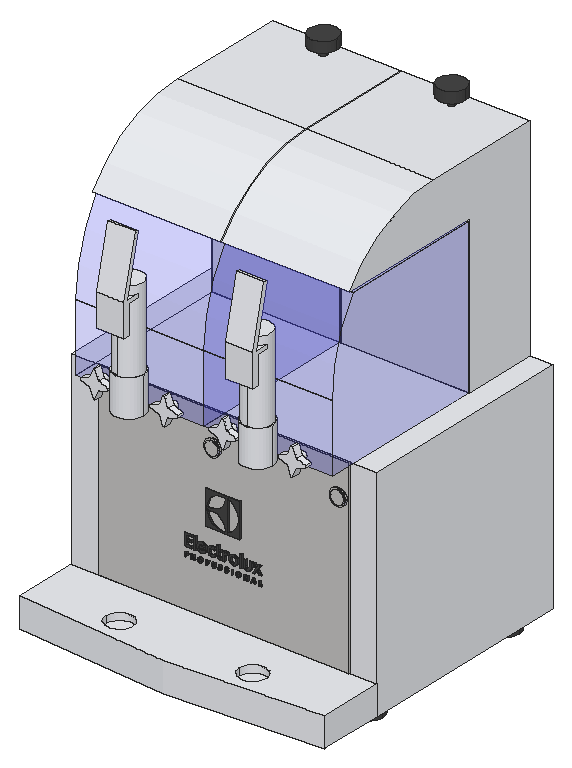
Revit family "QF_ELECTROLUXPROFESSIONAL_562515_GT2PR290", category Attrezzature speciali, Revit 2020
Family settings
  Quota connettore circolare = Usa diametro
  Tipo di parte = Normale
  Basato su piano di lavoro = No
  Sempre verticale = Sì
  Taglio con vuoti quando caricato = No
  Condiviso = No
  Punto di calcolo locali = No
Parameters (values of type "Standard")
  Weight = 46.00 kg
  Watts = 630 W
  Volts = 220 V
  URL Manufacturer = "https://www.electroluxprofessional.com/"
  URL = "https://www.electroluxprofessional.com/"
  Steam Supply Size = 0 mm
  Steam Supply Minimum Pressure = 0.0 Pa
  Steam Supply Maximum Pressure = 0.0 Pa
  Steam Consumption per Hour = 0
  Show Logo [instance] = yes
  Show Clearance [instance] = yes
  Refrigeration Suction Line Size = 0 mm
  Refrigeration Liquid Line Size = 0 mm
  Refrigerant Compressor Remote = yes
  Prospetto di default = 0 mm
  Produttore = "Electrolux Professional"
  Phase = 1
  Modello = "GT2PR290"
  Length Actual = 450 mm  # constant formula
  Item Number = "562515"
  Hot Water Size = 0 mm
  Height Actual = 650 mm  # constant formula
  HP = "0.8 HP"
  Gas Size = 0 mm
  Gas KW = 0
  Gas Input Pressure = 0 W
  Direct Waste Size = 0 mm
  Descrizione = "2X5 LT BOWL - FROZEN GRANITA, FROZEN CREAMS AND SOFT ICE CREAM DISPENSER - 2 INSULATED BOWLS - WHITE, R290"
  Depth Actual = 435 mm  # constant formula
  Cycle = 50 Hz
  Condensate Return Size = 0 mm
  Compressed Air Volume = 0.0 L/s
  Compressed Air Size = 0 mm
  Compressed Air Pressure = 0.0 Pa
  Cold Water Size = 0 mm
  Accessory = yes
Reference planes
  plane 1: z = 0
  plane 2 "LEFT": x = -300
  plane 3 "BACK": y = 282.5
  plane 4: z = 648.875
  plane 5: z = 340
  plane 6: z = 63
  plane 7: z = 677
  plane 8: x = 147
  plane 9: y = -149.837
Forms (mm)
  Extrusion 1, solid, material "QF_Finishes_White"
    sketch origin (0, -1.353, -30) x (1, 0, 0) y (0, 1, 0)
      loop
        line (-300, 283.853) -> (-300, -38.484) -> (147, -38.484) -> (147, 283.853) -> (-300, 283.853)
    from 50 to 370
  Extrusion 2, solid, material "QF_Finishes_Stainless Steel"
    sketch origin (16.697, 123.163, -87.462) x (1, 0, 0) y (0, 1, 0)
      loop
        line (90.303, -163) -> (-276.697, -163) -> (-276.697, -163.8) -> (90.303, -163.8) -> (90.303, -163)
    from 150.462 to 427.462
  Extrusion 3, solid, material "QF_Finishes_Stainless Steel"
    sketch origin (-356.596, -170.677, 18) x (0, -1, 0) y (1, 0, 0)
      loop
        line (-163.023, 407.596) -> (-163.023, 427.596) -> (-183.023, 427.596) -> (-183.023, 407.596) -> (-163.023, 407.596)
    from 0 to 2
Dimensions and locks
  plane 4 to level = 648.875 mm
  level to plane 7 = 677 mm
  plane 6 to level = 63 mm
  plane 5 to plane 6 = 277 mm
  plane 2 "LEFT" to plane 8 = 447 mm
  plane 9 to plane 3 "BACK" = 432.337 mm
  plane 5 to nested 11 = 246.5 mm
  plane 3 "BACK" to plane 9 = 432.337 mm
  aligned and locked: level to plane 1
Nested families
  nested 1: "MANOPOLA BEVERAGE" at (-220, -78.664, 353.538) x (0, 0, 1) z (0, -1, 0), type "MANOPOLA BEVERAGE"
  nested 2: "MANOPOLA BEVERAGE" at (-118, -78.664, 353.538) x (0, 0, 1) z (0, -1, 0), type "MANOPOLA BEVERAGE"
  nested 3: "PORTAGRANITE BEVERAGE-fat" at (-169, 107.419, 340), type "PORTAGRANITE BEVERAGE-fat"
  nested 4: "VASCHETTA BEVERAGE_Large_Doppio" at (-76.5, -39.837, 41.5) x (1, 0, 0) z (0, -1, 0), type "VASCHETTA BEVERAGE_Large_Doppio"
  nested 5: "ELXP_LOGO_ONLY_MEDIUM" at (-76.5, -40.637, 208.538) x (1, 0, 0) z (0, -1, 0), Show Logo <- "Show Logo", visible <- "Show Logo", type "ELXP_LOGO_ONLY_MEDIUM"
    with Show Logo yes
  nested 6: "ELX_LOGO_WORDS_MEDIUM" at (-76.5, -40.637, 149.149) x (1, 0, 0) z (0, -1, 0), visible <- "Show Logo", Show Logo <- "Show Logo", type "ELX_LOGO_WORDS_MEDIUM"
    with Show Logo yes
  nested 7: "Piedino 20x19 mm - Beverage" at (-264, 240.5, 0), type "Piedino 20x19 mm - Beverage"
  nested 8: "Piedino 20x19 mm - Beverage" at (-264, -9.5, 0), type "Piedino 20x19 mm - Beverage"
  nested 9: "Piedino 20x19 mm - Beverage" at (113, 240.5, 0), type "Piedino 20x19 mm - Beverage"
  nested 10: "Piedino 20x19 mm - Beverage" at (113, -9.5, 0), type "Piedino 20x19 mm - Beverage"
  nested 11: "BOCCHETTONE BEVERAGE_Tozzo" at (-167.625, -78.664, 463) x (1, 0, 0) z (0, -1, 0), type "BOCCHETTONE BEVERAGE_Tozzo"
  nested 12: "MANOPOLA APERTURA BEVERAGE " at (-169, 257.5, 648.875) x (-1, 0, 0) z (0, 0, 1), type "MANOPOLA APERTURA BEVERAGE "
  nested 13: "Bottone" at (-92.224, -40.637, 290) x (1, 0, 0) z (0, -1, 0), type "Bottone"
  nested 14: "PORTAGRANITE BEVERAGE-fat" at (19, 107.419, 340) x (-1, 0, 0) z (0, 0, 1), type "PORTAGRANITE BEVERAGE-fat"
  nested 15: "MANOPOLA APERTURA BEVERAGE " at (19, 257.5, 648.875), type "MANOPOLA APERTURA BEVERAGE "
  nested 16: "BOCCHETTONE BEVERAGE_Tozzo" at (21, -78.664, 463) x (-1, 0, 0) z (0, -1, 0), type "BOCCHETTONE BEVERAGE_Tozzo"
  nested 17: "MANOPOLA BEVERAGE" at (-32, -78.664, 353.538) x (0, 0, 1) z (0, -1, 0), type "MANOPOLA BEVERAGE"
  nested 18: "MANOPOLA BEVERAGE" at (70, -78.664, 353.538) x (0, 0, 1) z (0, -1, 0), type "MANOPOLA BEVERAGE"
  nested 19: "Bottone" at (92, -40.637, 290) x (-1, 0, 0) z (0, -1, 0), type "Bottone"
Connectors
  electrical at (61, 2.346, 18), driven by "Volts"
    settings: on Extrusion 3, index 73, voltage 220 V, apparent load 0 VA, apparent load phase1 0 VA, apparent load phase2 0 VA, apparent load phase3 0 VA, power factor 1, load classification "Altro", number of poles 1, system type 30, power factor state 1, is connector primary yes, connector utility no, sub classification motor no, connector description "Electrical Connection"
Definition of nested family "MANOPOLA BEVERAGE"
  Parameters (values of type "MANOPOLA BEVERAGE")
    Default Elevation = 1219.2 mm
  Reference planes
    plane 1 "Centro (Fronte/Retro)": y = 0
    plane 2: z = 0
    plane 3 "Centro (Sinistra/Destra)": x = 0
    plane 4: z = 20
  Forms (mm)
    Extrusion 1, solid
      sketch origin (0, 0, 0) x (1, 0, 0) y (0, 1, 0)
        loop
          line (-1219.2, 1219.2) -> (-1219.2, -1219.2) -> (1219.2, -1219.2) -> (1219.2, 1219.2) -> (-1219.2, 1219.2)
      from 0 to -304.8
    Extrusion 2, solid
      sketch origin (0, 0, 10) x (1, 0, 0) y (0, 1, 0)
        loop
          line (-20, -1.333) -> (-6.314, -6.314) -> (-1.333, -20) -> (1.333, -20) -> (6.314, -6.314) -> (20, -1.333) -> (20, 1.333) -> (6.314, 6.314) -> (1.333, 20) -> (-1.333, 20) -> (-6.314, 6.314) -> (-20, 1.333) -> (-20, -1.333)
      from 0 to 10
    Extrusion 3, solid
      sketch origin (0, 0, 0) x (1, 0, 0) y (0, 1, 0)
        loop
          circle (0, 0) r 5
      from 0 to 10
  Dimensions and locks
    aligned and locked: plane 2 to Extrusion 1
    aligned and locked: level to Extrusion 1
Definition of nested family "PORTAGRANITE BEVERAGE-fat"
  Parameters (values of type "PORTAGRANITE BEVERAGE-fat")
    Default Elevation = 1219.2 mm
  Reference planes
    plane 1 "Centro (Fronte/Retro)": y = 0
    plane 2: z = 0
    plane 3 "Centro (Sinistra/Destra)": x = 0
    plane 4: x = -94
    plane 5: x = 94
  Forms (mm)
    Extrusion 1, solid
      sketch origin (0, 0, 0) x (1, 0, 0) y (0, 1, 0)
        loop
          line (-1219.2, 1219.2) -> (-1219.2, -1219.2) -> (1219.2, -1219.2) -> (1219.2, 1219.2) -> (-1219.2, 1219.2)
      from 0 to -304.8
    Extrusion 2, solid
      sketch origin (-94, -107.419, -376) x (0, 1, 0) y (0, 0, 1)
        loop
          line (172.5, 604.875) -> (172.5, 376) -> (282.5, 376) -> (282.5, 684.875) -> (107.419, 684.875)
          arc (107.419, 684.875) -> (20.241, 663.694) -> (-47.5, 604.875) r 190
          line (-47.5, 604.875) -> (172.5, 604.875)
      from 0 to 188
    Extrusion 3, solid
      sketch origin (-101.5, -107.419, -378) x (0, 1, 0) y (0, 0, 1)
        loop
          line (170.5, 378) -> (170.5, 603) -> (-39.5, 603)
          arc (-39.5, 603) -> (-68.644, 543.496) -> (-78.664, 478) r 219.065
          line (-78.664, 478) -> (-78.664, 378) -> (170.5, 378)
      from 7.5 to 195.5
  Dimensions and locks
    plane 4 to plane 5 = 188 mm  (x2)
    Extrusion 2 sketch curve to Extrusion 2 sketch curve = 330 mm
    Extrusion 2 to Extrusion 3 sketch curve = 361.164 mm
    Extrusion 2 sketch curve to Extrusion 1 = 308.875 mm
    Extrusion 2 to Extrusion 3 = 361.164 mm
    Extrusion 2 to Extrusion 1 = 308.875 mm
    aligned and locked: plane 2 to Extrusion 1
    aligned and locked: level to Extrusion 1
Definition of nested family "VASCHETTA BEVERAGE_Large_Doppio"
  Parameters (values of type "VASCHETTA BEVERAGE_Large_Doppio")
    Default Elevation = 1219.2 mm
    Length = 447 mm
    Heigth = 43 mm
    Deep = 110 mm
  Reference planes
    plane 1 "Centro (Fronte/Retro)": y = 0
    plane 2: z = 0
    plane 3 "Centro (Sinistra/Destra)": x = 0
    plane 4: z = 110
    plane 5: x = 223.5
    plane 6: x = -223.5
  Forms (mm)
    Extrusion 1, solid
      sketch origin (0, 0, 0) x (1, 0, 0) y (0, 1, 0)
        loop
          line (-1219.2, 1219.2) -> (-1219.2, -1219.2) -> (1219.2, -1219.2) -> (1219.2, 1219.2) -> (-1219.2, 1219.2)
      from 0 to -304.8
    Extrusion 2, void
      sketch origin (104.75, -88.5, -175) x (1, 0, 0) y (0, 0, -1)
        loop
          circle (-202.5, -244.664) r 20
      from 100 to 110
    Extrusion 3, solid
      sketch origin (0, -2.5, 0) x (1, 0, 0) y (0, 0, 1)
        loop
          arc (223.5, 95) -> (0, 110) -> (-223.5, 95) r 1672.575
          line (-223.5, 95) -> (-223.5, 0) -> (223.5, 0) -> (223.5, 95)
      from -24 to 19
    Extrusion 4, void
      sketch origin (-104.75, -88.5, -175) x (-1, 0, 0) y (0, 0, 1)
        loop
          circle (-202.5, 244.664) r 20
      from 100 to 110
  Cuts and joins
    Extrusion 2, Extrusion 4 cuts Extrusion 3
  Dimensions and locks
    "Heigth": Extrusion 3 to Extrusion 3
    "Length": plane 6 to plane 5
    "Deep": Extrusion 1 to plane 4
    aligned and locked: plane 2 to Extrusion 1
    aligned and locked: level to Extrusion 1
  Automatic sketch dimensions
    Extrusion 1 sketch curve to Extrusion 1 sketch curve = 2438.4 mm  (x2)
    plane 4 to Extrusion 2 sketch curve = 40.336 mm
    Extrusion 3 sketch curve to level = 0 mm
    plane 6 to Extrusion 3 sketch curve = 0 mm
    plane 3 "Centro (Sinistra/Destra)" to Extrusion 3 sketch curve = 0 mm
    plane 5 to Extrusion 3 sketch curve = 0 mm
    Extrusion 3 sketch curve to level = 1562.575 mm
    plane 4 to Extrusion 3 sketch curve = 15 mm
    plane 4 to Extrusion 4 sketch curve = 40.336 mm
    Extrusion 2 sketch curve to plane 3 "Centro (Sinistra/Destra)" = 97.75 mm
    plane 3 "Centro (Sinistra/Destra)" to Extrusion 4 sketch curve = 97.75 mm
    radius of Extrusion 2 sketch curve = 20 mm
    radius of Extrusion 4 sketch curve = 20 mm
Definition of nested family "ELXP_LOGO_ONLY_MEDIUM"
  Parameters (values of type "ELXP_LOGO_ONLY_MEDIUM")
    Show Logo [instance] = yes
    Default Elevation = 0 mm
  Reference planes
    plane 1 "Centro (Fronte/Retro)": y = 0
    plane 2: z = 0
    plane 3 "Centro (Sinistra/Destra)": x = 0
  Forms (mm)
    Extrusion 1, solid
      sketch origin (0, 0, 0) x (1, 0, 0) y (0, 1, 0)
        loop
          line (-1219.2, 1219.2) -> (-1219.2, -1219.2) -> (1219.2, -1219.2) -> (1219.2, 1219.2) -> (-1219.2, 1219.2)
      from 0 to -304.8
    Extrusion 2, solid, visible <- "Show Logo"
      sketch origin (15.862, -72.798, 0) x (1, 0, 0) y (0, 1, 0)
        loop
          line (-40.901, 47.952) -> (9.138, 47.952) -> (9.138, 97.923) -> (-40.901, 97.923) -> (-40.901, 47.952)
        loop
          line (-9.2, 95.47) -> (-9.2, 50.507)
          arc (-9.2, 50.507) -> (7.421, 72.988) -> (-9.2, 95.47) r 23.515
        loop
          line (-11.486, 92.214) -> (-11.486, 95.47)
          arc (-11.486, 95.47) -> (-30.185, 91.22) -> (-39.194, 74.292) r 23.044
          line (-39.194, 74.292) -> (-31.756, 74.292)
          arc (-31.756, 74.292) -> (-18.467, 79.686) -> (-11.486, 92.214) r 21.599
        loop
          arc (-39.194, 71.685) -> (-30.2, 54.618) -> (-11.486, 49.93) r 23.647
          line (-11.486, 49.93) -> (-11.486, 53.763)
          arc (-11.486, 53.763) -> (-18.467, 66.291) -> (-31.756, 71.685) r 21.599
          line (-31.756, 71.685) -> (-39.194, 71.685)
      from 0 to 1.644
  Dimensions and locks
    aligned and locked: plane 2 to Extrusion 1
    aligned and locked: level to Extrusion 1
Definition of nested family "ELX_LOGO_WORDS_MEDIUM"
  Parameters (values of type "ELX_LOGO_WORDS_MEDIUM")
    Show Logo [instance] = yes
    Default Elevation = 0 mm
  Reference planes
    plane 1 "Centro (Fronte/Retro)": y = 0
    plane 2: z = 0
    plane 3 "Centro (Sinistra/Destra)": x = 0
  Forms (mm)
    Extrusion 1, solid
      sketch origin (0, 0, 0) x (1, 0, 0) y (0, 1, 0)
        loop
          line (-1219.2, 1219.2) -> (-1219.2, -1219.2) -> (1219.2, -1219.2) -> (1219.2, 1219.2) -> (-1219.2, 1219.2)
      from 0 to -304.8
    Extrusion 2, solid, visible <- "Show Logo"
      sketch origin (0, 0, 0) x (1, 0, 0) y (0, 1, 0)
        loop
          line (-45.351, 15.842) -> (-56.505, 15.842) -> (-56.505, 2.853)
          arc (-56.505, 2.853) -> (-55.037, -0.691) -> (-51.493, -2.159) r 5.012
          line (-51.493, -2.159) -> (-45.135, -2.159) -> (-45.135, 0.755) -> (-50.767, 0.755)
          arc (-50.767, 0.755) -> (-52.618, 1.38) -> (-53.406, 3.168) r 2.423
          line (-53.406, 3.168) -> (-53.406, 5.743) -> (-45.833, 5.743) -> (-45.833, 8.668) -> (-53.406, 8.668) -> (-53.406, 12.925) -> (-45.351, 12.925) -> (-45.351, 15.842)
        loop
          line (-42.933, 15.842) -> (-42.933, -2.159) -> (-39.832, -2.159) -> (-39.832, 15.842) -> (-42.933, 15.842)
        loop
          line (24.405, 15.842) -> (24.405, -2.159) -> (27.508, -2.159) -> (27.508, 15.842) -> (24.405, 15.842)
        loop
          line (-34.705, 3.589) -> (-24.531, 3.589)
          arc (-24.531, 3.589) -> (-26.123, 9.178) -> (-31.565, 11.217) r 6.447
          arc (-31.565, 11.217) -> (-36.358, 8.786) -> (-37.726, 3.589) r 6.56
          arc (-37.726, 3.589) -> (-35.926, -0.757) -> (-31.58, -2.557) r 6.146
          arc (-31.58, -2.557) -> (-28.198, -2.058) -> (-25.362, -0.149) r 7.726
          line (-25.362, -0.149) -> (-27.199, 1.688)
          arc (-27.199, 1.688) -> (-29.61, 0.242) -> (-32.411, 0.485) r 4.558
          arc (-32.411, 0.485) -> (-34.119, 1.622) -> (-34.705, 3.589) r 3.019
        loop
          line (-34.628, 5.769) -> (-27.646, 5.769)
          arc (-27.646, 5.769) -> (-28.626, 7.83) -> (-30.779, 8.59) r 2.974
          arc (-30.779, 8.59) -> (-33.263, 7.943) -> (-34.628, 5.769) r 3.481
        loop
          line (-12.445, 7.067) -> (-10.499, 9.013)
          arc (-10.499, 9.013) -> (-12.94, 10.78) -> (-15.907, 11.309) r 6.746
          arc (-15.907, 11.309) -> (-20.432, 9.655) -> (-22.806, 5.463) r 6.977
          arc (-22.806, 5.463) -> (-18.803, -1.885) -> (-10.608, -0.191) r 7.026
          line (-10.608, -0.191) -> (-12.544, 1.745)
          arc (-12.544, 1.745) -> (-16.723, 0.362) -> (-19.717, 3.589) r 4.071
          arc (-19.717, 3.589) -> (-19.509, 6.14) -> (-17.752, 8.002) r 3.867
          arc (-17.752, 8.002) -> (-14.941, 8.431) -> (-12.445, 7.067) r 4.442
        loop
          line (-8.594, 15.842) -> (-8.594, 3.541)
          arc (-8.594, 3.541) -> (-8.326, 1.695) -> (-7.635, -0.038) r 7.951
          arc (-7.635, -0.038) -> (-5.422, -1.797) -> (-2.62, -2.167) r 5.297
          line (-2.62, -2.167) -> (-2.62, 0.738)
          arc (-2.62, 0.738) -> (-3.453, 0.802) -> (-4.23, 1.109) r 2.792
          arc (-4.23, 1.109) -> (-5.227, 2.163) -> (-5.494, 3.589) r 2.57
          line (-5.494, 3.589) -> (-5.494, 8.043) -> (-2.678, 8.043) -> (-2.678, 10.86) -> (-5.494, 10.86) -> (-5.494, 15.842) -> (-8.594, 15.842)
        loop
          arc (3.006, 4.684) -> (3.228, 5.982) -> (3.868, 7.133) r 3.911
          arc (3.868, 7.133) -> (5.725, 8.086) -> (7.812, 8.043) r 4.26
          line (7.812, 8.043) -> (7.812, 11.023)
          arc (7.812, 11.023) -> (5.085, 10.766) -> (3.006, 8.983) r 4.524
          line (3.006, 8.983) -> (3.006, 10.86) -> (-0.069, 10.86) -> (-0.069, -2.159) -> (3.006, -2.159) -> (3.006, 4.684)
        loop
          circle (15.393, 4.348) r 6.899
        loop
          circle (15.393, 4.348) r 4.181
        loop
          arc (38.69, 3.262) -> (37.924, 1.158) -> (35.848, 0.319) r 2.752
          arc (35.848, 0.319) -> (33.771, 1.158) -> (33.005, 3.262) r 2.752
          line (33.005, 3.262) -> (33.005, 10.859) -> (29.879, 10.859) -> (29.879, 3.004)
          arc (29.879, 3.004) -> (31.658, -1.052) -> (35.848, -2.489) r 5.512
          arc (35.848, -2.489) -> (40.084, -1.008) -> (41.815, 3.132) r 5.512
          line (41.815, 3.132) -> (41.815, 10.859) -> (38.69, 10.859) -> (38.69, 3.262)
        loop
          line (43.689, 10.859) -> (48.192, 4.746) -> (43.245, -2.164) -> (46.578, -2.164) -> (49.861, 2.422) -> (53.193, -2.164) -> (56.505, -2.164) -> (51.629, 4.817) -> (56.087, 10.859) -> (52.703, 10.859) -> (49.851, 6.995) -> (47.043, 10.859) -> (43.689, 10.859)
        loop
          line (-53.813, -9.621) -> (-56.285, -9.621) -> (-56.285, -15.847) -> (-54.932, -15.847) -> (-54.932, -13.703) -> (-53.437, -13.703)
          arc (-53.437, -13.703) -> (-51.764, -11.49) -> (-53.813, -9.621) r 2.058
        loop
          arc (-53.496, -12.48) -> (-52.984, -11.679) -> (-53.496, -10.879) r 0.881
          line (-53.496, -10.879) -> (-54.932, -10.879) -> (-54.932, -12.48) -> (-53.496, -12.48)
        loop
          line (-44.045, -9.621) -> (-46.56, -9.621) -> (-46.56, -15.847) -> (-45.207, -15.847) -> (-45.207, -13.703) -> (-43.898, -13.703) -> (-43.003, -15.847) -> (-41.55, -15.847) -> (-42.774, -13.222)
          arc (-42.774, -13.222) -> (-42.188, -12.521) -> (-41.991, -11.628) r 1.922
          arc (-41.991, -11.628) -> (-42.609, -10.206) -> (-44.045, -9.621) r 2.055
        loop
          line (-45.207, -10.879) -> (-45.207, -12.48) -> (-43.771, -12.48)
          arc (-43.771, -12.48) -> (-43.258, -11.679) -> (-43.771, -10.879) r 0.881
          line (-43.771, -10.879) -> (-45.207, -10.879)
        loop
          circle (-33.602, -12.734) r 3.233
        loop
          circle (-33.602, -12.734) r 2.052
        loop
          line (-25.054, -9.622) -> (-25.054, -15.847) -> (-23.734, -15.847) -> (-23.734, -13.671) -> (-21.392, -13.671) -> (-21.392, -12.276) -> (-23.734, -12.276) -> (-23.734, -10.963) -> (-21.167, -10.963) -> (-21.167, -9.622) -> (-25.054, -9.622)
        loop
          line (-15.917, -9.622) -> (-15.917, -13.825)
          arc (-15.917, -13.825) -> (-15.343, -15.249) -> (-13.926, -15.842) r 1.991
          line (-13.926, -15.842) -> (-11.917, -15.842) -> (-11.917, -14.666) -> (-13.806, -14.666)
          arc (-13.806, -14.666) -> (-14.501, -14.091) -> (-14.638, -13.198) r 1.267
          line (-14.638, -13.198) -> (-12.15, -13.198) -> (-12.15, -12.023) -> (-14.638, -12.023) -> (-14.638, -10.797) -> (-11.977, -10.797) -> (-11.977, -9.622) -> (-15.917, -9.622)
        loop
          arc (6.626, -10.41) -> (5.801, -9.733) -> (4.757, -9.518) r 2.228
          arc (4.757, -9.518) -> (3.792, -9.755) -> (2.999, -10.352) r 2.468
          arc (2.999, -10.352) -> (2.853, -11.766) -> (3.765, -12.856) r 1.825
          arc (3.765, -12.856) -> (4.531, -13.112) -> (5.259, -13.464) r 6.301
          arc (5.259, -13.464) -> (5.719, -14.005) -> (5.402, -14.641) r 0.645
          arc (5.402, -14.641) -> (4.814, -14.78) -> (4.228, -14.631) r 1.269
          arc (4.228, -14.631) -> (3.722, -14.266) -> (3.412, -13.725) r 1.474
          line (3.412, -13.725) -> (2.324, -14.233)
          arc (2.324, -14.233) -> (2.716, -14.99) -> (3.348, -15.561) r 2.393
          arc (3.348, -15.561) -> (4.065, -15.867) -> (4.841, -15.945) r 2.579
          arc (4.841, -15.945) -> (5.8, -15.754) -> (6.664, -15.295) r 3.369
          arc (6.664, -15.295) -> (7.045, -14.28) -> (6.848, -13.214) r 2.023
          arc (6.848, -13.214) -> (6.423, -12.723) -> (5.879, -12.368) r 2.346
          arc (5.879, -12.368) -> (5.19, -12.061) -> (4.485, -11.796) r 12.353
          arc (4.485, -11.796) -> (4.077, -11.162) -> (4.666, -10.692) r 0.562
          arc (4.666, -10.692) -> (5.372, -10.862) -> (5.915, -11.344) r 1.497
          line (5.915, -11.344) -> (6.626, -10.41)
        loop
          line (12.337, -9.622) -> (12.337, -15.842) -> (13.616, -15.842) -> (13.616, -9.622) -> (12.337, -9.622)
        loop
          circle (22.24, -12.732) r 1.935
        loop
          circle (22.24, -12.732) r 3.231
        loop
          line (30.821, -15.842) -> (32.114, -15.842) -> (32.114, -11.931) -> (34.96, -15.842) -> (36.203, -15.842) -> (36.203, -9.622) -> (34.911, -9.622) -> (34.911, -13.651) -> (32.065, -9.622) -> (30.821, -9.622) -> (30.821, -15.842)
        loop
          line (42.652, -15.842) -> (43.258, -14.5) -> (45.559, -14.5) -> (46.165, -15.842) -> (47.54, -15.842) -> (44.912, -9.622) -> (43.712, -9.622) -> (41.279, -15.842) -> (42.652, -15.842)
        loop
          line (44.985, -13.224) -> (44.369, -11.857) -> (43.77, -13.224) -> (44.985, -13.224)
        loop
          line (53.893, -14.666) -> (53.893, -9.622) -> (52.614, -9.622) -> (52.614, -15.842) -> (56.285, -15.842) -> (56.285, -14.666) -> (53.893, -14.666)
        loop
          arc (-2.701, -10.41) -> (-3.525, -9.733) -> (-4.57, -9.518) r 2.228
          arc (-4.57, -9.518) -> (-5.534, -9.755) -> (-6.327, -10.352) r 2.468
          arc (-6.327, -10.352) -> (-6.473, -11.766) -> (-5.562, -12.856) r 1.825
          arc (-5.562, -12.856) -> (-4.795, -13.112) -> (-4.067, -13.464) r 6.301
          arc (-4.067, -13.464) -> (-3.608, -14.005) -> (-3.924, -14.641) r 0.645
          arc (-3.924, -14.641) -> (-4.512, -14.78) -> (-5.098, -14.631) r 1.269
          arc (-5.098, -14.631) -> (-5.604, -14.266) -> (-5.914, -13.725) r 1.474
          line (-5.914, -13.725) -> (-7.002, -14.233)
          arc (-7.002, -14.233) -> (-6.61, -14.99) -> (-5.978, -15.561) r 2.393
          arc (-5.978, -15.561) -> (-5.261, -15.867) -> (-4.485, -15.945) r 2.579
          arc (-4.485, -15.945) -> (-3.526, -15.754) -> (-2.663, -15.295) r 3.369
          arc (-2.663, -15.295) -> (-2.281, -14.28) -> (-2.478, -13.214) r 2.023
          arc (-2.478, -13.214) -> (-2.903, -12.723) -> (-3.448, -12.368) r 2.346
          arc (-3.448, -12.368) -> (-4.136, -12.061) -> (-4.842, -11.796) r 12.353
          arc (-4.842, -11.796) -> (-5.249, -11.162) -> (-4.66, -10.692) r 0.562
          arc (-4.66, -10.692) -> (-3.954, -10.862) -> (-3.412, -11.344) r 1.497
          line (-3.412, -11.344) -> (-2.701, -10.41)
      from 0 to 1.644
  Dimensions and locks
    aligned and locked: plane 2 to Extrusion 1
    aligned and locked: level to Extrusion 1
Definition of nested family "Piedino 20x19 mm - Beverage"
  Parameters (values of type "Piedino 20x19 mm - Beverage")
    Default Elevation = 0 mm
    P = 930 mm
    L = 400 mm
    H = 290 mm
  Reference planes
    plane 1: y = 0
    plane 2: z = 0
    plane 3: x = 0
    plane 4: z = 290
    plane 5: z = 24
    plane 6: z = 55
  Forms (mm)
    Extrusion 1, solid
      sketch origin (-373.847, 979.72, 0) x (1, 0, 0) y (0, 1, 0)
        loop
          circle (373.847, -979.72) r 19
      from 0 to 20
  Dimensions and locks
    "H": plane 4 to level
    plane 4 to plane 5 to level = 266 mm, 24 mm
    level to plane 6 = 55 mm
    aligned and locked: level to plane 2
  Automatic sketch dimensions
    plane 3 to Extrusion 1 sketch curve = 0 mm
    plane 1 to Extrusion 1 sketch curve = 0 mm
    radius of Extrusion 1 sketch curve = 19 mm
Definition of nested family "BOCCHETTONE BEVERAGE_Tozzo"
  Parameters (values of type "BOCCHETTONE BEVERAGE_Tozzo")
    Default Elevation = 1219.2 mm
  Reference planes
    plane 1 "Centro (Fronte/Retro)": y = 0
    plane 2: z = 0
    plane 3 "Centro (Sinistra/Destra)": x = 0
    plane 4: y = -123.5
    plane 5: y = 123.5
    plane 6: z = 22.09
  Forms (mm)
    Extrusion 1, solid
      sketch origin (0, 0, 0) x (1, 0, 0) y (0, 1, 0)
        loop
          line (-1219.2, 1219.2) -> (-1219.2, -1219.2) -> (1219.2, -1219.2) -> (1219.2, 1219.2) -> (-1219.2, 1219.2)
      from 0 to -304.8
    Extrusion 2, solid
      sketch origin (0, -51.625, 19.664) x (0, 0, 1) y (1, 0, 0)
        loop
          circle (2.426, 0) r 20
      from -18.353 to 101.625
    Extrusion 3, void
      sketch origin (-4.375, -126.625, 34.086) x (1, 0, 0) y (0, 0, -1)
        loop
          line (27.179, -16.141) -> (27.179, 12.684) -> (6.226, 12.684) -> (6.226, -10.188) -> (21.226, -10.188) -> (27.179, -16.141)
        loop
          line (-18.429, -16.141) -> (-12.476, -10.188) -> (2.524, -10.188) -> (2.524, 12.684) -> (-18.429, 12.684) -> (-18.429, -16.141)
      from 104.337 to 159.894
    Extrusion 4, solid
      sketch origin (25, -97.404, 18.125) x (0, 0, 1) y (0, 1, 0)
        loop
          line (11.922, 135.839) -> (11.922, 88.779) -> (37.961, 88.779) -> (37.961, 136.453) -> (16.929, 220.809) -> (12.077, 219.599) -> (32.961, 135.839) -> (11.922, 135.839)
      from 5 to 45
    Extrusion 5, solid
      sketch origin (0, -126.625, 25.97) x (1, 0, 0) y (0, 0, -1)
        loop
          circle (0, 3.97) r 22
      from 3.125 to 56.647
  Cuts and joins
    Extrusion 3 cuts Extrusion 4
    joined: Extrusion 2, Extrusion 4
  Dimensions and locks
    plane 5 to plane 4 = 247 mm
    plane 5 to plane 1 "Centro (Fronte/Retro)" to plane 4 = 123.5 mm, 123.5 mm
    cut or joined group of Extrusion 2, Extrusion 3, Extrusion 4 to Extrusion 1 = 56.086 mm
    aligned and locked: plane 2 to Extrusion 1
    aligned and locked: level to Extrusion 1
Definition of nested family "MANOPOLA APERTURA BEVERAGE "
  Parameters (values of type "MANOPOLA APERTURA BEVERAGE ")
    Default Elevation = 1219.2 mm
  Reference planes
    plane 1 "Centro (Fronte/Retro)": y = 0
    plane 2: z = 0
    plane 3 "Centro (Sinistra/Destra)": x = 0
    plane 4: z = 27
  Forms (mm)
    Extrusion 1, solid
      sketch origin (0, 0, 0) x (1, 0, 0) y (0, 1, 0)
        loop
          line (-1219.2, 1219.2) -> (-1219.2, -1219.2) -> (1219.2, -1219.2) -> (1219.2, 1219.2) -> (-1219.2, 1219.2)
      from 0 to -304.8
    Extrusion 2, solid
      sketch origin (0, 0, 0) x (1, 0, 0) y (0, 1, 0)
        loop
          circle (0, 0) r 5
      from 0 to 12
    Extrusion 3, solid
      sketch origin (0, 0, 12) x (1, 0, 0) y (0, 1, 0)
        loop
          circle (0, 0) r 20
      from 0 to 15
  Dimensions and locks
    Extrusion 1 to plane 4 = 27 mm
    aligned and locked: plane 2 to Extrusion 1
    aligned and locked: level to Extrusion 1
Definition of nested family "Bottone"
  Parameters (values of type "Bottone")
    Default Elevation = 1219.2 mm
  Reference planes
    plane 1 "Centro (Fronte/Retro)": y = 0
    plane 2: z = 0
    plane 3 "Centro (Sinistra/Destra)": x = 0
  Forms (mm)
    Extrusion 1, solid
      sketch origin (0, 0, 0) x (1, 0, 0) y (0, 1, 0)
        loop
          line (-1219.2, 1219.2) -> (-1219.2, -1219.2) -> (1219.2, -1219.2) -> (1219.2, 1219.2) -> (-1219.2, 1219.2)
      from 0 to -304.8
    Extrusion 2, solid
      sketch origin (0, 0, 0) x (1, 0, 0) y (0, 1, 0)
        loop
          circle (0, 0) r 12
        loop
          circle (0, 0) r 10
      from 0 to 2
    Extrusion 3, solid
      sketch origin (0, 0, 0) x (1, 0, 0) y (0, 1, 0)
        loop
          circle (0, 0) r 9.75
      from 0 to 3
  Dimensions and locks
    aligned and locked: plane 2 to Extrusion 1
    aligned and locked: level to Extrusion 1
